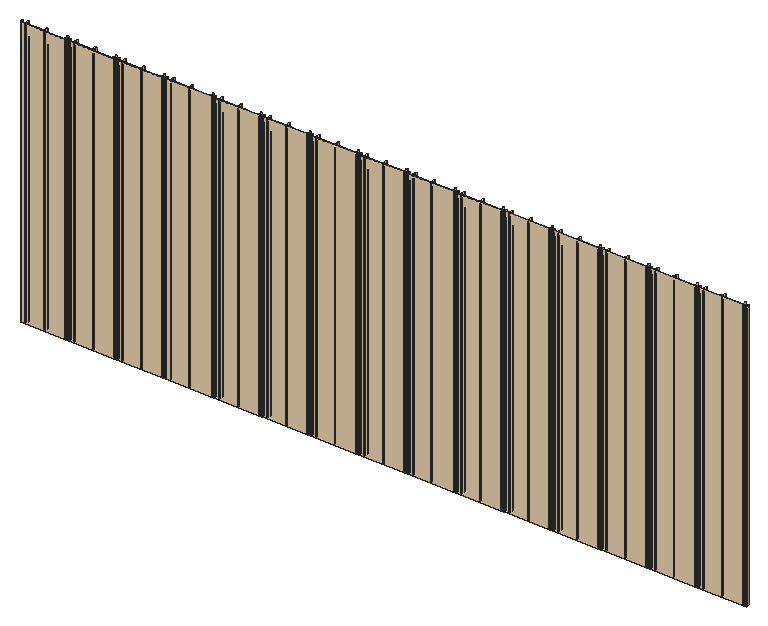
Revit family "Click 180", category Mechanical Equipment, Revit 2017
Family settings
  Round Connector Dimension = Use Diameter
  Part Type = Normal
  Work Plane-Based = No
  Always vertical = Yes
  Cut with Voids When Loaded = No
  Shared = No
  Room Calculation Point = No
Parameters (values of type "Pine")
  URL = "https://gtoaluminum.com/product/click-180/"
  Single = Panel Number = 1  # no
  Panel Number = 15
  Distance between beam = 0 mm
  Array Number = if(Panel Number = 1, 2, Panel Number)  # 15
  Model = "Click 180"
  Manufacturer = "gtoaluminum"
  Height = 1000 mm
  Finish = Pine, Scots
  Dimensions = "7.2″W x 0.047″T x 0.72″D x 19’L"
  Description = "Presenting our latest addition to the Click cladding category – wider profiles measuring at 7.2”. These profiles offer an ideal solution for concealing cracks, peelings, and marks on walls without the necessity for additional wall treatment. Suitable for various applications including pergolas, fences, doors, ceilings, and both interior and exterior walls, this product comes in a range of wood shades and colors, and it can also be customized with a unique paint color. The installation process is simple, resulting in a seamless finish without any visible screws or marks."
  Bottom Offset = 0 mm
  Array = not(Single)  # yes
Types (8, lengths in mm): name | Panel Number | Distance between beam | Array Number | Height | Finish | Bottom Offset
  (no name) | 15 | 0 | 15 | 1000 | Pine, Scots | 0
  Espresso | 5 | 0 | 5 | 3000 | Espresso | 50
  Oak | 5 | 5 | 5 | 3000 | Wood (Oak) | 50
  Pine | 15 | 0 | 15 | 1000 | Pine, Scots | 0
  Gray | 5 | 5 | 5 | 3000 | Gray | 50
  Charcol | 15 | 5 | 15 | 1500 | Charcol | 50
  Matte | 5 | 5 | 5 | 3000 | Matte | 50
  gloss | 5 | 5 | 5 | 3000 | Gloss | 50
Reference planes
  plane 1 "Center (Front/Back)": y = 0
  plane 2: z = 0
  plane 3 "Center (Left/Right)": x = 0
  plane 4: x = 180
  plane 5: x = 180
Dimensions and locks
  equal spacing: group 1, group 2, group 3, group 4, group 5, group 6, group 7, group 8, group 9, group 10, group 11, group 12, group 13, group 14, group 15  (x3)
  locked: plane 3 "Center (Left/Right)" to plane 4 at 180
  "Distance between beam": plane 4 to plane 5
  aligned and locked: level to plane 2
  aligned and locked: plane 3 "Center (Left/Right)" to nested 1
  aligned and locked: plane 3 "Center (Left/Right)" to nested 3
  aligned and locked: plane 5 to nested 2
Nested families
  nested 1: "profile" at (0, 0, 0), visible <- "Array", type "profile"
    with Height 1000 mm, Bottom Offset 0 mm
  nested 2: "profile" at (180, 0, 0), visible <- "Array", type "profile"
    with Height 1000 mm, Bottom Offset 0 mm
  nested 3: "profile" at (0, 0, 0), visible <- "Single", type "profile"
    with Height 1000 mm, Bottom Offset 0 mm
  nested 4: "profile" at (360, 0, 0), visible <- "Array", type "profile"
    with Height 1000 mm, Bottom Offset 0 mm
  nested 5: "profile" at (540, 0, 0), visible <- "Array", type "profile"
    with Height 1000 mm, Bottom Offset 0 mm
  nested 6: "profile" at (720, 0, 0), visible <- "Array", type "profile"
    with Height 1000 mm, Bottom Offset 0 mm
  nested 7: "profile" at (900, 0, 0), visible <- "Array", type "profile"
    with Height 1000 mm, Bottom Offset 0 mm
  nested 8: "profile" at (1080, 0, 0), visible <- "Array", type "profile"
    with Height 1000 mm, Bottom Offset 0 mm
  nested 9: "profile" at (1260, 0, 0), visible <- "Array", type "profile"
    with Height 1000 mm, Bottom Offset 0 mm
  nested 10: "profile" at (1440, 0, 0), visible <- "Array", type "profile"
    with Height 1000 mm, Bottom Offset 0 mm
  nested 11: "profile" at (1620, 0, 0), visible <- "Array", type "profile"
    with Height 1000 mm, Bottom Offset 0 mm
  nested 12: "profile" at (1800, 0, 0), visible <- "Array", type "profile"
    with Height 1000 mm, Bottom Offset 0 mm
  nested 13: "profile" at (1980, 0, 0), visible <- "Array", type "profile"
    with Height 1000 mm, Bottom Offset 0 mm
  nested 14: "profile" at (2160, 0, 0), visible <- "Array", type "profile"
    with Height 1000 mm, Bottom Offset 0 mm
  nested 15: "profile" at (2340, 0, 0), visible <- "Array", type "profile"
    with Height 1000 mm, Bottom Offset 0 mm
  nested 16: "profile" at (2520, 0, 0), visible <- "Array", type "profile"
    with Height 1000 mm, Bottom Offset 0 mm
Definition of nested family "profile"
  Parameters (values of type "profile")
    Height = 3000 mm
    Finish = none
    Bottom Offset = 50 mm
  Reference planes
    plane 1 "Center (Front/Back)": y = 0
    plane 2: z = 0
    plane 3 "Center (Left/Right)": x = 0
    plane 4: z = 3000
    plane 5: z = 50
    plane 6: x = 68.857
  Forms (mm)
    Extrusion 1, solid, material <- "Finish"
      sketch origin (-100, 1.4, 0) x (1, 0, 0) y (0, 1, 0)
        loop
          arc (278.5, 0.9) -> (278.354, 0.546) -> (278, 0.4) r 0.5
          line (278, 0.4) -> (274.683, 0.4)
          arc (274.683, 0.4) -> (274.25, 0.833) -> (273.817, 0.4) r 0.433
          line (273.817, 0.4) -> (272.183, 0.4)
          arc (272.183, 0.4) -> (271.75, 0.833) -> (271.317, 0.4) r 0.433
          line (271.317, 0.4) -> (269.683, 0.4)
          arc (269.683, 0.4) -> (269.25, 0.833) -> (268.817, 0.4) r 0.433
          line (268.817, 0.4) -> (265.5, 0.4)
          arc (265.5, 0.4) -> (265.146, 0.546) -> (265, 0.9) r 0.5
          line (265, 0.9) -> (265, 16.1)
          arc (265, 16.1) -> (264.854, 16.454) -> (264.5, 16.6) r 0.5
          line (264.5, 16.6) -> (261.813, 16.6)
          arc (261.813, 16.6) -> (261.163, 15.95) -> (261.813, 15.3) r 0.65
          line (261.813, 15.3) -> (263.2, 15.3)
          arc (263.2, 15.3) -> (263.554, 15.154) -> (263.7, 14.8) r 0.5
          line (263.7, 14.8) -> (263.7, 4)
          arc (263.7, 4) -> (263.554, 3.646) -> (263.2, 3.5) r 0.5
          line (263.2, 3.5) -> (261.5, 3.5)
          arc (261.5, 3.5) -> (260.85, 2.85) -> (261.5, 2.2) r 0.65
          line (261.5, 2.2) -> (263.2, 2.2)
          arc (263.2, 2.2) -> (263.554, 2.054) -> (263.7, 1.7) r 0.5
          line (263.7, 1.7) -> (263.7, 0.9)
          arc (263.7, 0.9) -> (263.554, 0.546) -> (263.2, 0.4) r 0.5
          line (263.2, 0.4) -> (186.8, 0.4)
          arc (186.8, 0.4) -> (186.446, 0.546) -> (186.3, 0.9) r 0.5
          line (186.3, 0.9) -> (186.3, 1.7)
          arc (186.3, 1.7) -> (186.446, 2.054) -> (186.8, 2.2) r 0.5
          line (186.8, 2.2) -> (188.152, 2.2)
          arc (188.152, 2.2) -> (188.802, 2.85) -> (188.152, 3.5) r 0.65
          line (188.152, 3.5) -> (186.8, 3.5)
          arc (186.8, 3.5) -> (186.446, 3.646) -> (186.3, 4) r 0.5
          line (186.3, 4) -> (186.3, 14.8)
          arc (186.3, 14.8) -> (186.446, 15.154) -> (186.8, 15.3) r 0.5
          line (186.8, 15.3) -> (188.265, 15.3)
          arc (188.265, 15.3) -> (188.915, 15.95) -> (188.265, 16.6) r 0.65
          line (188.265, 16.6) -> (185.5, 16.6)
          arc (185.5, 16.6) -> (185.146, 16.454) -> (185, 16.1) r 0.5
          line (185, 16.1) -> (185, 4)
          arc (185, 4) -> (184.854, 3.646) -> (184.5, 3.5) r 0.5
          line (184.5, 3.5) -> (183.103, 3.5)
          arc (183.103, 3.5) -> (182.453, 2.85) -> (183.103, 2.2) r 0.65
          line (183.103, 2.2) -> (184.5, 2.2)
          arc (184.5, 2.2) -> (184.854, 2.054) -> (185, 1.7) r 0.5
          line (185, 1.7) -> (185, 0.9)
          arc (185, 0.9) -> (184.854, 0.546) -> (184.5, 0.4) r 0.5
          line (184.5, 0.4) -> (116.8, 0.4)
          arc (116.8, 0.4) -> (116.446, 0.546) -> (116.3, 0.9) r 0.5
          line (116.3, 0.9) -> (116.3, 1.7)
          arc (116.3, 1.7) -> (116.446, 2.054) -> (116.8, 2.2) r 0.5
          line (116.8, 2.2) -> (118.5, 2.2)
          arc (118.5, 2.2) -> (119.15, 2.85) -> (118.5, 3.5) r 0.65
          line (118.5, 3.5) -> (116.8, 3.5)
          arc (116.8, 3.5) -> (116.446, 3.646) -> (116.3, 4) r 0.5
          line (116.3, 4) -> (116.3, 14.8)
          arc (116.3, 14.8) -> (116.446, 15.154) -> (116.8, 15.3) r 0.5
          line (116.8, 15.3) -> (118.187, 15.3)
          arc (118.187, 15.3) -> (118.837, 15.95) -> (118.187, 16.6) r 0.65
          line (118.187, 16.6) -> (115.5, 16.6)
          arc (115.5, 16.6) -> (115.146, 16.454) -> (115, 16.1) r 0.5
          line (115, 16.1) -> (115, 0.9)
          arc (115, 0.9) -> (114.854, 0.546) -> (114.5, 0.4) r 0.5
          line (114.5, 0.4) -> (102, 0.4)
          arc (102, 0.4) -> (101.646, 0.546) -> (101.5, 0.9) r 0.5
          line (101.5, 0.9) -> (101.5, 7.3)
          arc (101.5, 7.3) -> (100.75, 8.05) -> (100, 7.3) r 0.75
          line (100, 7.3) -> (100, -0.9)
          arc (100, -0.9) -> (100.146, -1.254) -> (100.5, -1.4) r 0.5
          line (100.5, -1.4) -> (279.5, -1.4)
          arc (279.5, -1.4) -> (279.854, -1.254) -> (280, -0.9) r 0.5
          line (280, -0.9) -> (280, 6.85)
          arc (280, 6.85) -> (279.25, 7.6) -> (278.5, 6.85) r 0.75
          line (278.5, 6.85) -> (278.5, 0.9)
      from 50 to 3000
  Dimensions and locks
    "Height": plane 4 to plane 2
    "Bottom Offset": plane 5 to level
    aligned and locked: level to plane 2
    aligned and locked: Extrusion 1 to plane 4
    aligned and locked: plane 5 to Extrusion 1
  Automatic sketch dimensions
    Extrusion 1 sketch curve to plane 3 "Center (Left/Right)" = 0 mm
    plane 1 "Center (Front/Back)" to Extrusion 1 sketch curve = 0 mm
    Extrusion 1 sketch curve to Extrusion 1 sketch curve = 0.5 mm  (x19)
    Extrusion 1 sketch curve to Extrusion 1 sketch curve = 0.75 mm  (x2)
    Extrusion 1 sketch curve to plane 1 "Center (Front/Back)" = 1.8 mm  (x3)
    Extrusion 1 sketch curve to Extrusion 1 sketch curve = 12.5 mm
    Extrusion 1 sketch curve to Extrusion 1 sketch curve = 0.8 mm  (x5)
    Extrusion 1 sketch curve to Extrusion 1 sketch curve = 1.3 mm  (x5)
    Extrusion 1 sketch curve to Extrusion 1 sketch curve = 1.387 mm  (x2)
    Extrusion 1 sketch curve to Extrusion 1 sketch curve = 1.7 mm  (x2)
    Extrusion 1 sketch curve to plane 1 "Center (Front/Back)" = 4.25 mm
    Extrusion 1 sketch curve to plane 6 = 14.246 mm
    Extrusion 1 sketch curve to Extrusion 1 sketch curve = 1.397 mm
    Extrusion 1 sketch curve to Extrusion 1 sketch curve = 0 mm  (x4)
    Extrusion 1 sketch curve to Extrusion 1 sketch curve = 1.352 mm
    Extrusion 1 sketch curve to Extrusion 1 sketch curve = 1.465 mm
    Extrusion 1 sketch curve to plane 1 "Center (Front/Back)" = 3.6 mm
    Extrusion 1 sketch curve to Extrusion 1 sketch curve = 73.348 mm
    Extrusion 1 sketch curve to Extrusion 1 sketch curve = 0.313 mm
    Extrusion 1 sketch curve to Extrusion 1 sketch curve = 3.317 mm  (x2)
    Extrusion 1 sketch curve to Extrusion 1 sketch curve = 0.433 mm  (x3)
    Extrusion 1 sketch curve to Extrusion 1 sketch curve = 1.634 mm  (x2)
    Extrusion 1 sketch curve to plane 1 "Center (Front/Back)" = 0.5 mm
    Extrusion 1 sketch curve to Extrusion 1 sketch curve = 0.65 mm  (x6)
    Extrusion 1 sketch curve to Extrusion 1 sketch curve = 5.95 mm
    Extrusion 1 sketch curve to Extrusion 1 sketch curve = 6.4 mm
    Extrusion 1 sketch curve to Extrusion 1 sketch curve = 10.8 mm  (x3)
